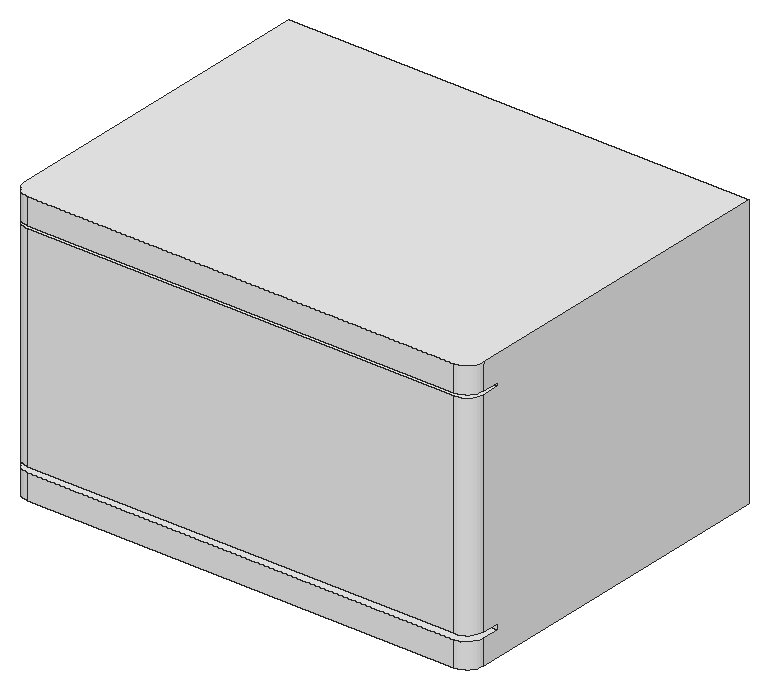
Revit family "Подогреватель полотенец", category Оборудование, Revit 2017
Family settings
  Размер круглого соединителя = Использовать диаметр
  Тип детали = Нормальный
  На основе рабочей плоскости = Нет
  Всегда вертикально = Да
  При загрузке вырезать с полостями = Нет
  Общий = Нет
  Точка расчета площади = Нет
Parameters (values of type "Тип")
  Общ_Ширина = 410.0 mm
  Общ_Тип, марка = "ОТ32/SD-4049A"
  Общ_Примечание ЭМ [instance] = ""
  Общ_Примечание КР [instance] = ""
  Общ_Примечание АР [instance] = ""
  Общ_Примечание = ""
  Общ_Поставщик = ""
  Общ_Позиция = ""
  Общ_Напряжение = 220 V
  Общ_Наименование = "Подогреватель для полотенец"
  Общ_Мощность номинальная = 150 W
  Общ_Масса = ""
  Общ_Код продукции = ""
  Общ_Задание [instance] = "ЭМ"
  Общ_Единицы измерения = "шт."
  Общ_Глубина = 310.0 mm
  Общ_Высота = 253.0 mm
  Keynote = ""
  Model = ""
Reference planes
  plane 1 "По центру (Вперед/Назад)": y = 0
  plane 2: z = 0
  plane 3 "По центру (Влево/Вправо)": x = 0
  plane 4: y = -155
  plane 5: y = -125
Forms (mm)
  Extrusion 1, solid, material "Эмаль белая", detail levels fine
    sketch origin (0, 0, 0) x (1, 0, 0) y (0, 1, 0)
      loop
        line (-190, -155) -> (190, -155)
        arc (190, -155) -> (200.607, -150.607) -> (205, -140) r 15
        line (205, -140) -> (205, 155) -> (-205, 155) -> (-205, -140)
        arc (-205, -140) -> (-200.607, -150.607) -> (-190, -155) r 15
    from 10 to 253
  Extrusion 2, solid, detail levels fine
    sketch origin (0, 0, 0) x (1, 0, 0) y (0, 1, 0)
      loop
        line (175, 125) -> (155, 125) -> (155, 105) -> (175, 105) -> (175, 125)
      loop
        line (175, -125) -> (175, -105) -> (155, -105) -> (155, -125) -> (175, -125)
      loop
        line (-175, 125) -> (-175, 105) -> (-155, 105) -> (-155, 125) -> (-175, 125)
      loop
        line (-175, -125) -> (-155, -125) -> (-155, -105) -> (-175, -105) -> (-175, -125)
    from 10 to 0
  Extrusion 3, void
    sketch origin (-135, -155, 1200) x (1, 0, 0) y (0, 0, 1)
      loop
        line (-70, -970) -> (-70, -973) -> (340, -973) -> (340, -970) -> (-70, -970)
      loop
        line (-70, -1162.733) -> (-70, -1167.733) -> (340, -1167.733) -> (340, -1162.733) -> (-70, -1162.733)
    from -30 to 0
Cuts and joins
  Extrusion 3 cuts Extrusion 1
Lines and regions (mm)
  symbolic lines, detail levels coarse+medium
    curve 1: line (205, 155, 0) -> (-205, 155, 0)
    curve 2: line (-205, 155, 0) -> (-205, -140, 0)
    curve 3: arc (-205, -140, 0) -> (-200.607, -150.607, 0) -> (-190, -155, 0) r 15
    curve 4: line (-190, -155, 0) -> (190, -155, 0)
    curve 5: arc (190, -155, 0) -> (200.607, -150.607, 0) -> (205, -140, 0) r 15
    curve 6: line (205, -140, 0) -> (205, 155, 0)
    curve 7: line (205, -125, 0) -> (-205, -125, 0)
Dimensions and locks
  aligned and locked: level to plane 2
